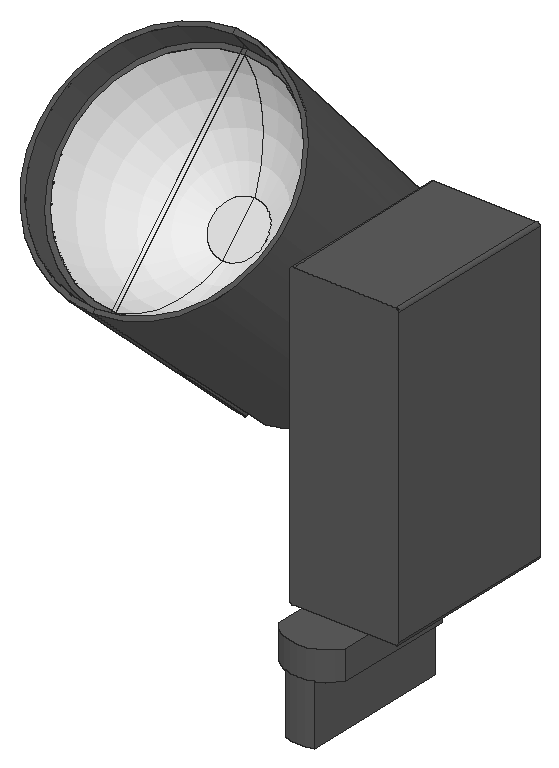
Revit family "0004943 Feilo Sylvania Lighting Fixture START TRACK SPOT L DALI 3306LM 930 MB BLK", category Lighting Fixtures, host Face, Revit 2017 (continued)
Definition of nested family "Start Track Spot Head"
  Types (96, lengths in mm): name | Wattage | built-in parameter 1150134 | Photometric Web File | Model | built-in parameter 1150105 | Lumens | built-in parameter 1150107 | built-in parameter 1150106 | HeadThickness_FEILO | HeadRibOffset_FEILO | HeadRibDepth_FEILO | HeadRibCutWidth_FEILO | HeadRibCutOffset_FEILO | HeadReflectorRadius_FEILO | HeadReflectorOffset_FEILO | HeadLEDRadius_FEILO | HeadHeight_FEILO | HeadDiffusorOffset_FEILO | HeadDiaOut_FEILO | HeadDiaIn_FEILO | HeadAxisFromTop_FEILO | Emit from Circle Diameter | built-in parameter 1150104 | Description | Apparent Load
    0004812 START TRACK SPOT S 14W 3K RA80 MB WHITE | 14 W | (empty or 0) | "0004812.ies" | "START TRACK SPOT S 14W 3K RA80 MB WHITE" | 120.32 (stored number, unit not read) | 1512 lm | 3000 (stored number, unit not read) | 1.2032 (stored number, unit not read) | 1.5 | 4.179 | 55.714 | 7.167 | 50.87 | 50.588 | 55.714 | 9.556 | 117 | 9.435 | 86 | 77.477 | 69.354 | 77.477 | 10.034 (stored number, unit not read) | "Integrated LED spotlight, Textured White - RAL9016, compact and minimalist design, ideal for retail applications, die-cast aluminium body, passive cooling heatsink. Beam angle: 36°, color temperature: 3000K , total system power: 14W, total fixture output: 1508 lm, LOR: 100%, colour rendering: Ra: 80 typical, LED Chromaticity: 3 step MacAdam ellipse, lifetime: >50000 hours at L70B50, energy class: A++, A+, A, IR/UV free light source without heat radiation, operating voltage: 220-240V / 50-60Hz, drive current: 350mA, electronic driver, non-dimmable, power factor: 0.92, electrical protection: Class II, Global Track 3 Phase adapter suitable for Global trac 3-circuit tracks, ingress protection rating: IP20, suitable for internal environment only, horizontal rotation: 355°, vertical tilt: 90°, dimensions: Ø86x140x200, weight: 0.940kg." | 14 VA
    0004811 START TRACK SPOT S 14W 3K RA80 NB WHITE | 14 W | (empty or 0) | "0004811.ies" | "START TRACK SPOT S 14W 3K RA80 NB WHITE" | 123.66 (stored number, unit not read) | 1554 lm | 3000 (stored number, unit not read) | 1.2366 (stored number, unit not read) | 1.5 | 4.179 | 55.714 | 7.167 | 50.87 | 50.588 | 55.714 | 9.556 | 117 | 9.435 | 86 | 77.477 | 69.354 | 77.477 | 10.312 (stored number, unit not read) | "Integrated LED spotlight, Textured White - RAL9016, compact and minimalist design, ideal for retail applications, die-cast aluminium body, passive cooling heatsink. Beam angle: 12°, color temperature: 3000K , total system power: 14W, total fixture output: 1551 lm, LOR: 100%, colour rendering: Ra: 80 typical, LED Chromaticity: 3 step MacAdam ellipse, lifetime: >50000 hours at L70B50, energy class: A++, A+, A, IR/UV free light source without heat radiation, operating voltage: 220-240V / 50-60Hz, drive current: 350mA, electronic driver, non-dimmable, power factor: 0.92, electrical protection: Class II, Global Track 3 Phase adapter suitable for Global trac 3-circuit tracks, ingress protection rating: IP20, suitable for internal environment only, horizontal rotation: 355°, vertical tilt: 90°, dimensions: Ø86x140x200, weight: 0.940kg." | 14 VA
  Reference planes
    plane 1 "Center (Front/Back)": y = 0
    plane 2: z = 0
    plane 3 "Center (Left/Right)": x = 0
    plane 4: x = 43
    plane 5: x = -43
    plane 6: x = -38.739
    plane 7: x = 38.739
    plane 8: z = 69.354
    plane 9: z = -47.646
    plane 10: x = -41.5
    plane 11: x = -37.239
    plane 12: z = -38.211
    plane 13: z = -35.211
    plane 14: z = 8.068
    plane 15: x = -9.556
    plane 16: x = -28.667
    plane 17: x = -19.111
    plane 18: x = -27.167
    plane 19: x = -17.611
    plane 20: x = -8.056
    plane 21: z = 13.64
    plane 22: x = -29.667
    plane 23: x = -26.167
    plane 24: x = -20.111
    plane 25: x = -16.611
    plane 26: x = -10.556
    plane 27: x = -7.056
    plane 28: x = -36.239
    plane 29: x = -40.5
    plane 30: z = 65.175
    plane 31: z = 60.997
    plane 32: z = 56.818
    plane 33: z = 18.484
    plane 34: y = -43
    plane 35: y = 43
    plane 36: y = 3.583
    plane 37: y = -3.583
    plane 38: y = -2.583
    plane 39: y = 2.583
    plane 40: y = 46
    plane 41: z = 13.5
    plane 42: z = -13.5
    plane 43: y = 39
    plane 44: x = 4.708
    plane 45: x = -2.458
    plane 46: x = -1.458
    plane 47: x = 1.458
  Forms (mm)
    Extrusion 1, solid
      sketch origin (4.2, 0, 0) x (1, 0, 0) y (0, 1, 0)
        loop
          line (-1219.2, 1219.2) -> (-1219.2, -1219.2) -> (1219.2, -1219.2) -> (1219.2, 1219.2) -> (-1219.2, 1219.2)
      from 0 to -68.017
    Revolve 2, solid, material <- "Material_1_FEILO", detail levels medium+fine
      sketch origin (0, 0, 0) x (1, 0, 0) y (0, 0, 1)
        loop
          line (-43, -47.646) -> (-41.5, -47.646) -> (-40.5, -35.211) -> (-38.739, -35.211)
          arc (-38.739, -35.211) -> (-30.16, -9.517) -> (-9.556, 8.068) r 50.588
          line (-9.556, 8.068) -> (0, 8.068) -> (0, 13.64) -> (-16.611, 13.64) -> (-17.611, 60.997) -> (-19.111, 60.997) -> (-20.111, 13.64) -> (-36.239, 13.64) -> (-37.239, 69.354) -> (-38.739, 69.354) -> (-43, -47.646)
        axis (0, 69.354) -> (0, -47.646)
      angle from 360 to 0
    Extrusion 3, void
      sketch origin (0, 0, 0) x (0, 1, 0) y (0, 0, 1)
        loop
          line (-3.583, 69.354) -> (-2.583, 18.484) -> (1.932, 18.484) -> (2.932, 69.354) -> (-3.583, 69.354)
      from 43 to -43
    Revolve 4, solid, material <- "Material_2_FEILO", detail levels medium+fine
      sketch origin (0, 0, 0) x (1, 0, 0) y (0, 0, 1)
        loop
          line (-41.5, -38.211) -> (0, -38.211) -> (0, -35.211) -> (-41.5, -35.211) -> (-41.5, -38.211)
        axis (0, -35.211) -> (0, -38.211)
      angle from 360 to 0
    Revolve 5, solid, material <- "Material_1_FEILO"
      sketch origin (0, 0, 0) x (0, 1, 0) y (0, 0, 1)
        loop
          line (46, 0) -> (39, 0) -> (39, -13.5) -> (46, -13.5) -> (46, 0)
        axis (39, 0) -> (46, 0)
      angle from 360 to 0
    Revolve 6, solid, material <- "Material_1_FEILO", detail levels medium+fine
      sketch origin (0, 0, 0) x (1, 0, 0) y (0, 0, 1)
        loop
          line (-29.667, 13.64) -> (-26.167, 13.64) -> (-27.167, 65.175) -> (-28.667, 65.175) -> (-29.667, 13.64)
        loop
          line (-10.556, 13.64) -> (-7.056, 13.64) -> (-7.833, 56.818) -> (-9.778, 56.818) -> (-10.556, 13.64)
        axis (0, 65.175) -> (0, 13.64)
      angle from 360 to 0
    Extrusion 7, void
      sketch origin (0, 0, 0) x (1, 0, 0) y (0, 0, 1)
        loop
          line (4.708, 69.354) -> (-2.458, 69.354) -> (-1.458, 13.64) -> (1.458, 13.64) -> (4.708, 69.354)
      from -43 to 43
    Revolve 8, solid, material <- "Material_1_FEILO", detail levels coarse
      sketch origin (0, 0, 0) x (1, 0, 0) y (0, 0, 1)
        loop
          line (0, 69.354) -> (-38.739, 69.354) -> (-43, -47.646) -> (-41.5, -47.646) -> (-40.731, -38.211) -> (0, -38.211) -> (0, 69.354)
        axis (0, 69.354) -> (0, -47.646)
      angle from 360 to 0
  Cuts and joins
    Extrusion 3 cuts Revolve 2
    Extrusion 7 cuts Revolve 6
  Dimensions and locks
    equal spacing: plane 7, plane 3 "Center (Left/Right)", plane 6
    equal spacing: plane 4, plane 3 "Center (Left/Right)", plane 5
    "HeadDiaOut_FEILO": plane 4 to plane 5
    "HeadDiaIn_FEILO": plane 7 to plane 6
    "HeadHeight_FEILO": plane 8 to plane 9
    "HeadThickness_FEILO": plane 10 to plane 5
    "HeadThickness_FEILO": plane 11 to plane 6
    "HeadDiffusorOffset_FEILO": plane 12 to plane 9
    "HeadDiffusorThickness_FEILO": plane 13 to plane 12
    "HeadReflectorOffset_FEILO": plane 14 to plane 9
    "HeadLEDRadius_FEILO": plane 3 "Center (Left/Right)" to plane 15
    "HeadLEDRadius_FEILO": plane 15 to plane 17
    "HeadLEDRadius_FEILO": plane 17 to plane 16
    "HeadThickness_FEILO": plane 18 to plane 16
    "HeadThickness_FEILO": plane 19 to plane 17
    "HeadThickness_FEILO": plane 20 to plane 15
    "HeadRibDepth_FEILO": plane 8 to plane 21
    "HeadDraft_FEILO": plane 16 to plane 22
    "HeadDraft_FEILO": plane 23 to plane 18
    "HeadDraft_FEILO": plane 17 to plane 24
    "HeadDraft_FEILO": plane 25 to plane 19
    "HeadDraft_FEILO": plane 15 to plane 26
    "HeadDraft_FEILO": plane 27 to plane 20
    "HeadDraft_FEILO": plane 29 to plane 10
    "HeadDraft_FEILO": plane 28 to plane 11
    "HeadRibOffset_FEILO": plane 8 to plane 30
    "HeadRibOffset_FEILO": plane 30 to plane 31
    "HeadRibOffset_FEILO": plane 31 to plane 32
    "HeadAxisFromTop_FEILO": plane 8 to plane 2
    "HeadRibCutOffset_FEILO": plane 8 to plane 33
    equal spacing: plane 34, plane 1 "Center (Front/Back)", plane 35
    "HeadDiaOut_FEILO": plane 34 to plane 35
    equal spacing: plane 38, plane 1 "Center (Front/Back)", plane 39
    equal spacing: plane 37, plane 1 "Center (Front/Back)", plane 36
    "HeadRibCutWidth_FEILO": plane 37 to plane 36
    "HeadDraft_FEILO": plane 37 to plane 38
    locked: plane 35 to plane 40 at 3
    equal spacing: plane 41, plane 2, plane 42
    locked: plane 42 to plane 41 at 27
    locked: plane 43 to plane 35 at 4
    equal spacing: plane 45, imposter light, plane 44
    "HeadDraft_FEILO": plane 46 to plane 45
    "HeadRibCutWidth_FEILO": plane 44 to plane 45
    equal spacing: plane 47, plane 3 "Center (Left/Right)", plane 46
    "HeadReflectorRadius_FEILO": radius of Revolve 2 sketch curve
    aligned and locked: plane 2 to Extrusion 1
    aligned and locked: level to Extrusion 1
    aligned and locked: Revolve 2 sketch curve to plane 3 "Center (Left/Right)"  (x2)
    aligned and locked: plane 9 to Revolve 2 sketch curve  (x2)
    aligned and locked: plane 5 to Revolve 2 sketch curve
    aligned and locked: plane 10 to Revolve 2 sketch curve
    aligned and locked: plane 14 to Revolve 2 sketch curve
    aligned and locked: plane 8 to Revolve 2 sketch curve
    aligned and locked: Revolve 2 sketch curve to plane 13
    aligned and locked: plane 12 to Revolve 4 sketch curve
    aligned and locked: plane 3 "Center (Left/Right)" to Revolve 4 sketch curve
    aligned and locked: Revolve 4 sketch curve to plane 10
    aligned and locked: Revolve 4 sketch curve to plane 3 "Center (Left/Right)"
    aligned and locked: plane 12 to imposter light
    aligned and locked: imposter light to plane 1 "Center (Front/Back)"
    aligned and locked: Revolve 5 sketch curve to plane 2
    aligned and locked: plane 43 to Revolve 5 sketch curve
    aligned and locked: plane 42 to Revolve 5 sketch curve
    aligned and locked: Revolve 6 sketch curve to plane 3 "Center (Left/Right)"
    aligned and locked: plane 22 to Revolve 6 sketch curve
    aligned and locked: plane 30 to Revolve 6 sketch curve
    aligned and locked: plane 23 to Revolve 6 sketch curve
    aligned and locked: Revolve 6 sketch curve to plane 21  (x2)
    aligned and locked: plane 21 to Revolve 6 sketch curve
    aligned and locked: plane 17 to Revolve 2 sketch curve
    aligned and locked: plane 19 to Revolve 2 sketch curve
    aligned and locked: plane 31 to Revolve 2 sketch curve
    aligned and locked: plane 21 to Revolve 2 sketch curve
    aligned and locked: Extrusion 3 to plane 8
    aligned and locked: plane 33 to Extrusion 3
    aligned and locked: plane 8 to Extrusion 3 sketch curve
    aligned and locked: Extrusion 3 sketch curve to plane 33
    aligned and locked: Extrusion 3 to plane 5
    aligned and locked: plane 4 to Extrusion 3
    aligned and locked: plane 32 to Revolve 6 sketch curve
    aligned and locked: plane 44 to Extrusion 7 sketch curve
    aligned and locked: Extrusion 7 sketch curve to plane 8
    aligned and locked: plane 46 to Extrusion 7 sketch curve
    aligned and locked: plane 21 to Extrusion 7 sketch curve
    aligned and locked: plane 34 to Extrusion 7
    aligned and locked: Extrusion 7 to plane 35
    aligned and locked: Revolve 4 sketch curve to plane 13
    aligned and locked: Revolve 5 sketch curve to plane 40
    aligned and locked: Revolve 8 sketch curve to plane 3 "Center (Left/Right)"
    aligned and locked: Revolve 8 sketch curve to cut or joined group of Revolve 2, Extrusion 3  (x3)
    aligned and locked: plane 5 to Revolve 8 sketch curve
    aligned and locked: plane 3 "Center (Left/Right)" to Revolve 8 sketch curve
    aligned and locked: plane 12 to Revolve 8 sketch curve
  Automatic sketch dimensions
    Extrusion 1 sketch curve to Extrusion 1 sketch curve = 2438.4 mm  (x2)
    Extrusion 3 sketch curve to plane 37 = 0 mm
    Extrusion 3 sketch curve to plane 38 = 0 mm
    plane 39 to Extrusion 3 sketch curve = 0.651 mm
    Extrusion 3 sketch curve to plane 39 = 0.349 mm
    Revolve 6 sketch curve to plane 16 = 0 mm
    Revolve 6 sketch curve to plane 18 = 0 mm
    Revolve 6 sketch curve to plane 26 = 0 mm
    Revolve 6 sketch curve to plane 27 = 0 mm
    Revolve 6 sketch curve to plane 15 = 0.222 mm
    plane 9 to Revolve 6 sketch curve = 559.103 mm
    Revolve 6 sketch curve to plane 8 = 2535.555 mm
    plane 20 to Revolve 6 sketch curve = 0.222 mm
    Revolve 2 sketch curve to plane 29 = 0 mm
    Revolve 2 sketch curve to plane 6 = 0 mm  (x2)
    Revolve 2 sketch curve to plane 11 = 0 mm
    Revolve 2 sketch curve to plane 21 = 0 mm
    Revolve 2 sketch curve to plane 28 = 0 mm
    Revolve 2 sketch curve to plane 24 = 0 mm
    Revolve 2 sketch curve to plane 25 = 0 mm
    Revolve 2 sketch curve to plane 15 = 0 mm
    Revolve 2 sketch curve to Revolve 2 sketch curve = 557.155 mm
    Revolve 2 sketch curve to plane 8 = 2535.558 mm
    Extrusion 7 sketch curve to plane 45 = 0 mm
    Extrusion 7 sketch curve to plane 47 = 0 mm
    plane 9 to Revolve 4 sketch curve = 559.103 mm
    Revolve 4 sketch curve to plane 8 = 2535.555 mm
    Revolve 5 sketch curve to level = 0 mm
    plane 34 to Revolve 5 sketch curve = 1968.092 mm
    Revolve 5 sketch curve to plane 40 = 1405.763 mm
    Revolve 8 sketch curve to plane 6 = 0 mm
    Revolve 8 sketch curve to plane 29 = 0.231 mm
    plane 9 to Revolve 8 sketch curve = 559.103 mm
    Revolve 8 sketch curve to Revolve 8 sketch curve = 2535.555 mm
Definition of nested family "Start Track Spot Box"
  Parameters (values of type "Type Large White")
    URL = "http://www.feilosylvania.com"
    Type Image = (empty or 0)
    Type Comments = "n/a"
    Small_FEILO = no
    Material_3_FEILO = none
    Model = ""
    Manufacturer = "Feilo Sylvania"
    Keynote = ""
    Material_2_FEILO = none
    Description = ""
    Default Elevation = 1219.2 mm
    Cost = 0
    Material_1_FEILO = none
    BoxWidth_FEILO = 49 mm
    BoxStartAngle_FEILO [instance] = 0.00°
    BoxRadius_FEILO = 1.5 mm
    BoxHeight_FEILO = if(Small_FEILO, 112 mm, 136 mm)  # 136 mm
    BoxEndAngle_FEILO [instance] = BoxStartAngle_FEILO - 180.00°  # -180.00°
    BoxDepth_FEILO = if(Small_FEILO, 71.5 mm, 79 mm)  # 79 mm
    BoxAxisVerticalOffset_FEILO = 16 mm
    BoxAxisOffset_FEILO = BoxHeight_FEILO / 6.8  # 20 mm
    Assembly Code = ""
    Material_4_FEILO = none
  Types (4, lengths in mm): name | Small_FEILO | BoxHeight_FEILO | BoxDepth_FEILO | BoxAxisOffset_FEILO
    Type Large White | no | 136 | 79 | 20
    Type Small White | yes | 112 | 71.5 | 16.471
    Type Small Black | yes | 112 | 71.5 | 16.471
    Type Large Black | no | 136 | 79 | 20
  Reference planes
    plane 1 "Center (Front/Back)": y = 0
    plane 2: z = 0
    plane 3 "Center (Left/Right)": x = 0
    plane 4: x = 24.5
    plane 5: x = -24.5
    plane 6: y = 68
    plane 7: y = -68
    plane 8: z = 39.5
    plane 9: z = -39.5
    plane 10: y = -48
    plane 11: x = 30.5
    plane 12: x = 8.5
    plane 13: x = 21.5
    plane 14: y = 70
    plane 15: y = 72
    plane 16: x = 19.5
  Forms (mm)
    Extrusion 1, solid
      sketch origin (4.2, 0, 0) x (1, 0, 0) y (0, 1, 0)
        loop
          line (-1219.2, 1219.2) -> (-1219.2, -1219.2) -> (1219.2, -1219.2) -> (1219.2, 1219.2) -> (-1219.2, 1219.2)
      from 0 to -68.017
    Extrusion 2, solid, material <- "Material_1_FEILO"
      sketch origin (0, 0, 0) x (1, 0, 0) y (0, 1, 0)
        loop
          arc (-23, 68) -> (-24.061, 67.561) -> (-24.5, 66.5) r 1.5
          line (-24.5, 66.5) -> (-24.5, -66.5)
          arc (-24.5, -66.5) -> (-24.061, -67.561) -> (-23, -68) r 1.5
          line (-23, -68) -> (23, -68)
          arc (23, -68) -> (24.061, -67.561) -> (24.5, -66.5) r 1.5
          line (24.5, -66.5) -> (24.5, 66.5)
          arc (24.5, 66.5) -> (24.061, 67.561) -> (23, 68) r 1.5
          line (23, 68) -> (-23, 68)
      from -39.5 to 39.5
    Revolve 3, solid, not visible
      sketch origin (0, 0, 0) x (1, 0, 0) y (0, 1, 0)
        loop
          line (30.5, -48) -> (24.5, -48) -> (24.5, -68) -> (30.5, -68) -> (30.5, -48)
        axis (30.5, -48) -> (24.5, -48)
      angle from 0 <- "BoxStartAngle_FEILO" to -180 <- "BoxEndAngle_FEILO"
    Revolve 4, solid, material <- "Material_2_FEILO"
      sketch origin (0, 0, 0) x (1, 0, 0) y (0, 1, 0)
        loop
          line (8.5, 68) -> (19.5, 68) -> (19.5, 70) -> (21.5, 70) -> (21.5, 72) -> (8.5, 72) -> (8.5, 68)
        axis (8.5, 72) -> (8.5, 68)
      angle from 360 to 0
  Dimensions and locks
    equal spacing: plane 5, plane 3 "Center (Left/Right)", plane 4
    "BoxWidth_FEILO": plane 5 to plane 4
    equal spacing: plane 7, plane 1 "Center (Front/Back)", plane 6
    "BoxHeight_FEILO": plane 7 to plane 6
    equal spacing: plane 8, plane 2, plane 9
    "BoxDepth_FEILO": plane 8 to plane 9
    "BoxAxisOffset_FEILO": plane 7 to plane 10
    locked: plane 4 to plane 11 at 6
    "BoxAxisVerticalOffset_FEILO": plane 12 to plane 4
    locked: plane 12 to plane 13 at 13
    plane 6 to plane 14 to plane 15 = 2 mm locked, 2 mm locked
    locked: plane 12 to plane 16 at 11
    "BoxRadius_FEILO": radius of Extrusion 2 sketch curve  (x4)
    aligned and locked: plane 2 to Extrusion 1
    aligned and locked: level to Extrusion 1
    aligned and locked: plane 6 to Extrusion 2 sketch curve
    aligned and locked: plane 5 to Extrusion 2 sketch curve
    aligned and locked: Extrusion 2 sketch curve to plane 7
    aligned and locked: Extrusion 2 sketch curve to plane 4
    aligned and locked: Extrusion 2 to plane 8
    aligned and locked: plane 9 to Extrusion 2
    aligned and locked: Revolve 3 sketch curve to plane 10  (x2)
    aligned and locked: plane 11 to Revolve 3 sketch curve
    aligned and locked: Revolve 3 sketch curve to plane 4
    aligned and locked: plane 7 to Revolve 3 sketch curve
    aligned and locked: Revolve 4 sketch curve to plane 12
    aligned and locked: plane 6 to Revolve 4 sketch curve
    aligned and locked: plane 12 to Revolve 4 sketch curve
    aligned and locked: plane 15 to Revolve 4 sketch curve
    aligned and locked: Revolve 4 sketch curve to plane 13
    aligned and locked: Revolve 4 sketch curve to plane 14
    aligned and locked: Revolve 4 sketch curve to plane 16
    aligned and locked: Revolve 4 sketch curve to plane 6
  Automatic sketch dimensions
    Extrusion 1 sketch curve to Extrusion 1 sketch curve = 2438.4 mm  (x2)
    Revolve 3 sketch curve to plane 5 = 1499.5 mm
    plane 11 to Revolve 3 sketch curve = 1493.5 mm
    plane 15 to Revolve 4 sketch curve = 0 mm
    plane 7 to Revolve 4 sketch curve = 1456 mm
    Revolve 4 sketch curve to plane 15 = 1452 mm
